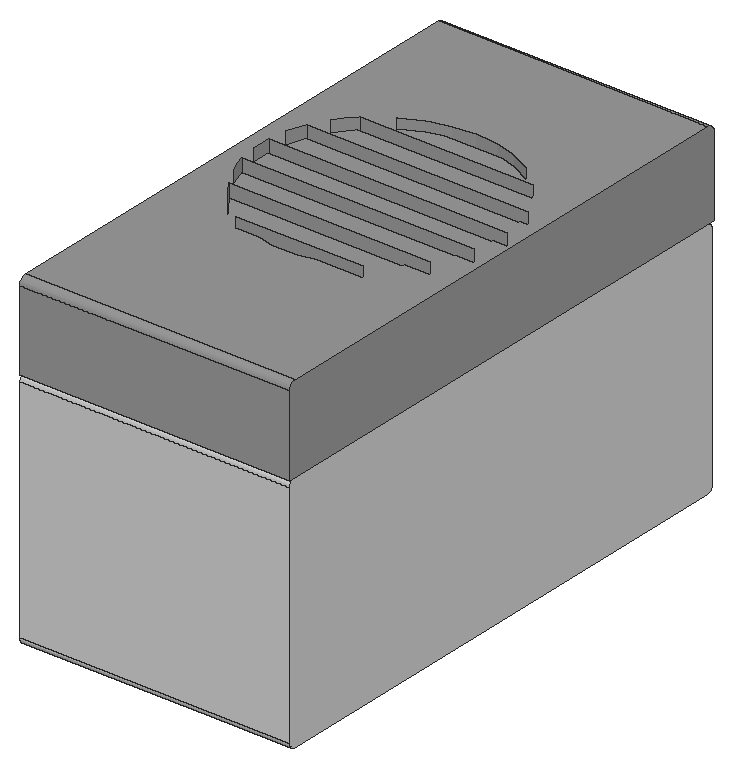
Revit family "Domotics-DomesticRanges-GEWISS-SYSTEM_SIGNALLING-BUZZER", category Apparecchi elettrici, host Superficie, Revit 2016 (continued)
Definition of nested family "SIMBOLO SEGNAL ACUSTICA"
  Nested families
    nested 1: "SIMBOLO SEGNAL ACUSTICA_BASE" at (0, 0, 0), BORDO ACCESO <- "BORDO ACCESO", type <- "Simbolo", visible <- "SIMBOLO", type "SUONERIA E"
      with BORDO ACCESO yes
  Definition of nested family "SIMBOLO SEGNAL ACUSTICA_BASE"
    Parameters (values of type "SUONERIA E")
      SUONERIA E = yes
      SUONERIA = no
      RONZATORE = no
      Distanza dal muro = 4.208 mm
      BORDO ACCESO [instance] = yes
    Types (4, lengths in mm): name | SUONERIA E | SUONERIA | RONZATORE
      COMM | yes | yes | yes
      SUONERIA | no | yes | no
      SUONERIA E | yes | no | no
      RONZATORE | no | no | yes
    Reference planes
      plane 1: y = 0
      plane 2: x = 0
    Lines and regions (mm)
      detail lines, visible <- "BORDO ACCESO", not visible
        curve 1: line (-1.743, 9.208, 0) -> (2.057, 9.208, 0)
        curve 2: line (2.057, 9.208, 0) -> (2.057, 4.208, 0)
        curve 3: line (2.057, 4.208, 0) -> (-1.743, 4.208, 0)
        curve 4: line (-1.743, 4.208, 0) -> (-1.743, 9.208, 0)
        curve 5: line (-1.543, 9.008, 0) -> (1.857, 9.008, 0)
        curve 6: line (1.857, 9.008, 0) -> (1.857, 4.408, 0)
        curve 7: line (1.857, 4.408, 0) -> (-1.543, 4.408, 0)
        curve 8: line (-1.543, 4.408, 0) -> (-1.543, 9.008, 0)
      detail lines, visible <- "RONZATORE"
        curve 9: line (0.846, 1.817, 0) -> (-0.846, 1.817, 0)
        curve 10: line (-0.35, 0.424, 0) -> (-0.35, 1.047, 0)
        curve 11: line (0.35, 0.424, 0) -> (0.35, 1.047, 0)
        curve 12: arc (-0.846, 1.817, 0) -> (0, 0.971, 0) -> (0.846, 1.817, 0) r 0.846
      detail lines, visible <- "SUONERIA"
        curve 13: line (0.846, 1.047, 0) -> (-0.846, 1.047, 0)
        curve 14: line (-0.35, 0.424, 0) -> (-0.35, 1.047, 0)
        curve 15: line (0.35, 0.424, 0) -> (0.35, 1.047, 0)
        curve 16: arc (-0.846, 1.047, 0) -> (0, 1.893, 0) -> (0.846, 1.047, 0) r 0.846
        curve 17: arc (0.001, 1.456, 0) -> (-0.164, 1.613, 0) -> (-0.344, 1.475, 0) r 0.175
        curve 18: arc (0.001, 1.456, 0) -> (0.188, 1.296, 0) -> (0.358, 1.475, 0) r 0.179
      detail lines, visible <- "SUONERIA E"
        curve 19: line (0.846, 1.047, 0) -> (-0.846, 1.047, 0)
        curve 20: line (-0.35, 0.424, 0) -> (-0.35, 1.047, 0)
        curve 21: line (0.35, 0.424, 0) -> (0.35, 1.047, 0)
        curve 22: arc (-0.846, 1.047, 0) -> (0, 1.893, 0) -> (0.846, 1.047, 0) r 0.846
        curve 23: line (-0.274, 1.214, 0) -> (-0.065, 1.657, 0)
        curve 24: line (-0.065, 1.657, 0) -> (0.317, 1.657, 0)
        curve 25: line (0.275, 1.566, 0) -> (-0.108, 1.566, 0)
        curve 26: circle (-0.341, 1.196, 0) r 0.069 normal (0, 0, 1)
        curve 29: line (0.109, 1.214, 0) -> (0.317, 1.657, 0)
        curve 30: circle (0.042, 1.196, 0) r 0.069 normal (0, 0, 1)
      detail lines, visible <- "SUONERIA E", not visible
        curve 27: line (-0.396, -1.509, 0) -> (-0.094, -0.868, 0)
      detail lines, not visible
        curve 28: circle (-0.493, -1.534, 0) r 0.1 normal (0, 0, 1)
Types (8, lengths in mm): name | Voltage | Tipo | Technical sheet | Supply voltage | Sound intensity | Simbolo | SEO | Modello | IDT | EAN code | Immagine tipo | Descrizione | Description. | Colour | Bidimensionale
  GW21613 - Bell-12V-50hz 8VA black | "12 V - 50 Hz" | SYSTEM SEGNAL ACUSTICA_BASE : GW21613 - Nero - Suoneria - 12V | "https://www.gewiss.com/ww/en/search?q=GW21613" | "12 V - 50 Hz" | "80 dB (at 1 m)" | SIMBOLO SEGNAL ACUSTICA : SUONERIA | "Ringer" | "GW21613" | "c82fcea8-0f85-4342-bb3b-7df928521271" | "8011564129443" | GW21613.jpg | "BELL-12V-50HZ 8VA SY/BK" | "Bell" | "Black" | bidimensionale system segnal acustica : SUONERIA
  GW20613 - Bell-12V-50hz 8VA white | "12 V - 50 Hz" | SYSTEM SEGNAL ACUSTICA_BASE : GW20613 - Bianco - Suoneria - 12V | "https://www.gewiss.com/ww/en/search?q=GW20613" | "12 V - 50 Hz" | "80 dB (at 1 m)" | SIMBOLO SEGNAL ACUSTICA : SUONERIA | "Ringer" | "GW20613" | "72c7e135-6d54-4c09-931c-b5c567ced295" | "8011564001060" | GW20613.jpg | "BELL-12V-50HZ 8VA SY/WT" | "Bell" | "White" | bidimensionale system segnal acustica : SUONERIA
  GW20616 - Bell-230V-50hz 8VA white | "230V ac - 50 Hz" | SYSTEM SEGNAL ACUSTICA_BASE : GW20616 - Bianco - Suoneria - 230V | "https://www.gewiss.com/ww/en/search?q=GW20616" | "230V ac - 50Hz" | "80 dB (at 1 m)" | SIMBOLO SEGNAL ACUSTICA : SUONERIA | "Ringer" | "GW20616" | "3f504ac0-d985-4e28-950f-d7725617da29" | "8011564001091" | GW20616.jpg | "BELL-230V-50HZ 8VA SY/WT" | "Bell" | "White" | bidimensionale system segnal acustica : SUONERIA
  GW20617 - Buzzer 12V-50hz 8VA white | "12V ac - 50 Hz" | SYSTEM SEGNAL ACUSTICA_BASE : GW20617 - Bianco - Ronzatore - 12V | "https://www.gewiss.com/ww/en/search?q=GW20617" | "12V ac - 50 Hz" | "75 dB (at 1 m)" | SIMBOLO SEGNAL ACUSTICA : RONZATORE | "Buzzer" | "GW20617" | "26936650-d752-4a45-a54d-8de334630634" | "8011564001107" | GW20617.jpg | "BUZZER 12V-50HZ 8VA SY/WT" | "Buzzer" | "White" | bidimensionale system segnal acustica : RONZATORE
  GW20620 - Buzzer 230V-50hz 8VA white | "230V ac - 50 Hz" | SYSTEM SEGNAL ACUSTICA_BASE : GW20620 - Bianco - Ronzatore - 230V | "https://www.gewiss.com/ww/en/search?q=GW20620" | "230V ac - 50Hz" | "75 dB (at 1 m)" | SIMBOLO SEGNAL ACUSTICA : RONZATORE | "Buzzer" | "GW20620" | "0fc198c3-24a9-4244-8adb-a5644033ff27" | "8011564001138" | GW20620.jpg | "BUZZER 230V-50HZ 8VA SY/WT" | "Buzzer" | "White" | bidimensionale system segnal acustica : RONZATORE
  GW21616 - Bell-230V-50hz 8VA black | "230V ac - 50 Hz" | SYSTEM SEGNAL ACUSTICA_BASE : GW21616 - Nero - Suoneria - 230V | "https://www.gewiss.com/ww/en/search?q=GW21616" | "230V ac - 50Hz" | "80 dB (at 1 m)" | SIMBOLO SEGNAL ACUSTICA : SUONERIA | "Ringer" | "GW21616" | "77fdb06c-7ff1-4f9f-83e8-22231fd06c49" | "8011564129511" | GW21616.jpg | "BELL-230V-50HZ 8VA SY/BK" | "Bell" | "Black" | bidimensionale system segnal acustica : SUONERIA
  GW21617 - Buzzer 12V-50hz 8VA black | "12 V - 50 Hz" | SYSTEM SEGNAL ACUSTICA_BASE : GW21617 - Nero - Ronzatore - 12V | "https://www.gewiss.com/ww/en/search?q=GW21617" | "12 V - 50 Hz" | "75 dB (at 1 m)" | SIMBOLO SEGNAL ACUSTICA : RONZATORE | "Buzzer" | "GW21617" | "6cd5dc34-a89e-4821-a0c1-578fc2da18b2" | "8011564129528" | GW21617.jpg | "BUZZER 12V-50HZ 8VA SY/BK" | "Buzzer" | "Black" | bidimensionale system segnal acustica : RONZATORE
  GW21620 - Buzzer 230V-50hz 8VA black | "230 V - 50 Hz" | SYSTEM SEGNAL ACUSTICA_BASE : GW21620 - Nero - Ronzatore - 230V | "https://www.gewiss.com/ww/en/search?q=GW21620" | "230 V - 50 Hz" | "75 dB (at 1 m)" | SIMBOLO SEGNAL ACUSTICA : RONZATORE | "Buzzer" | "GW21620" | "e742e08a-28ab-46fd-bce7-8d2241ef58ca" | "8011564129542" | GW21620.jpg | "BUZZER 230V-50HZ 8VA SY/BK" | "Buzzer" | "Black" | bidimensionale system segnal acustica : RONZATORE
